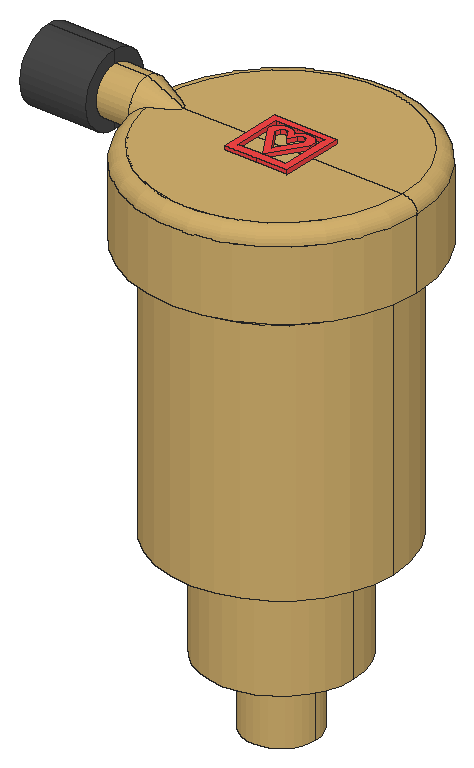
Revit family "Automatic air vents with check valve 2630 00 (01)", category Rohrzubehör, Revit 2018
Family settings
  Bemaßung runder Anschluss = Durchmesser verwenden
  Teiletyp = Normal
  OmniClass-Nummer = 23.65.55.14
  OmniClass-Titel = Valves for Liquid Services
  Arbeitsebenenbasiert = Nein
  Immer vertikal = Ja
  Beim Laden mit Abzugskörper schneiden = Nein
  Gemeinsam genutzt = Nein
Parameters
  min. Operating temperature = 0 °C  # constant formula
  max. Operating temperature = 110 °C  # constant formula
  max. Operating pressure = 800000.0 Pa  # constant formula
  URL = "www.herzvalves.com"
  Part number [instance] = if(Nennweite AG = 10.000 mm, 1263000, if(Nennweite AG = 15.000 mm, 1263001, 0))  # 1263000
  Medium = "heating water quality according to ÖNORM H5195 or VDI-Standard 2035.\r\nthe use of ethylene or propylene glycol in a mixing ratio 25-50% is allowed.\r\nplease refer to manufacturers documentation when using ethylene glycol products for frost and corrosion protection.\r\nthe HERZ air vent is not suitable for usage of aggressive medium (such as: acids, alkalis, combustible and explosive gases..) because it can damage the sealing components."
  Float ball = "polypropylene"  # constant formula
  SW = 10.500 mm  # constant formula
  SCRNSEQ = "AWI;AWI_TYP=\"1013\";1"
  SCRNCODE = "05;14;01"  # constant formula
  S05 = 25.300 mm  # constant formula
  S04 = SW * 2  # 21.000 mm
  S03 = 11.000 mm  # constant formula
  S02 = 24.500 mm  # constant formula
  S01 = 59.000 mm  # constant formula
  Backflow preventer housing = "machined brass acc. to EN 12165, CW617N 5"  # constant formula
  R01 = 2.000 mm  # constant formula
  Nennweite AG [instance] = 10.000 mm
  max. Structual pressure = 1200000.0 Pa  # constant formula
  L04 = L00 - L01  # 24.000 mm
  L03 = 13.500 mm  # constant formula
  L02 = 4.800 mm  # constant formula
  L01 = 9.500 mm  # constant formula
  L00 = 33.500 mm  # constant formula
  Hersteller = "Herz-Armaturen GmbH"  # constant formula
  H08 = 13.200 mm  # constant formula
  H06 = 25.300 mm  # constant formula
  H07 = 9.800 mm  # constant formula
  H05 = H00 - 1.000 mm  # 58.000 mm
  H04 = H03 - D03  # 57.900 mm
  H03 = 63.000 mm  # constant formula
  H02 = 9.500 mm  # constant formula
  H01 = 12.000 mm  # constant formula
  H00 = 59.000 mm  # constant formula
  Housing = "forged brass acc. to EN 12165, CW617N "  # constant formula
  G1 [instance] = Nennweite AG / 2  # 5.000 mm
  G = 5.000 mm  # constant formula
  Sealing = "NBR"  # constant formula
  Lid = "forged brass acc. to EN 12165, CW617N "  # constant formula
  D07 = 11.500 mm  # constant formula
  D06 = 4.000 mm  # constant formula
  D05 = 0.800 mm  # constant formula
  D04 = 3.400 mm  # constant formula
  D03 = 5.100 mm  # constant formula
  D02 = 19.500 mm  # constant formula
  D01 = 16.200 mm  # constant formula
  External threaded connectors = "acc. to ISO 228"  # constant formula
  Field of application = "HERZ - Air vent is used for venting of the central heating installations.\r\nthe air vent should be placed nearby the boiler or at the highest points of installation.\r\ninstallations must be carried out in such a way that the retention of air bubbles in a certain part of installation is not possible.\r\nbefore usage, unscrew the polypropylene cover cap on the lid for 2 to 3 turns.\r\nin case of uncontrolled medium leakage, tighten the cover cap.\r\nthe air vent must be cleaned or replaced.\r\nwe always recommend to use backflow preventer for easy service and replacement of the air vent."
  Cover cap = "polypropylene, black colour"  # constant formula
Reference planes
  plane 1 "Mitte (Vorne/hinten)": y = 0
  plane 2: z = 0
  plane 3 "Mitte (Links/rechts)": x = 0
Forms (mm)
  Revolve 1, solid, material "Messing", detail levels fine
    sketch origin (0, 0, 0) x (1, 0, 0) y (0, 0, 1)
      loop
        line (0, 0) -> (0, 59) -> (-17.5, 59)
        arc (-17.5, 59) -> (-18.914, 58.414) -> (-19.5, 57) r 2
        line (-19.5, 57) -> (-19.5, 47) -> (-18.2, 47)
        arc (-18.2, 47) -> (-16.786, 46.414) -> (-16.2, 45) r 2
        line (-16.2, 45) -> (-16.2, 9.5) -> (-5, 9.5) -> (-5, 0) -> (0, 0)
      axis (0, 59) -> (0, 0)
    angle from 0 to 360
  Revolve 2, solid, material "Kunststoff - schwarz", detail levels fine
    sketch origin (0, 0, 0) x (1, 0, 0) y (0, 0, 1)
      loop
        line (-33.5, 57.9) -> (-24, 57.9) -> (-24, 63) -> (-33.5, 63) -> (-33.5, 57.9)
      axis (-33.5, 57.9) -> (-24, 57.9)
    angle from 0 to 360
  Revolve 3, solid, material "Messing", detail levels fine
    sketch origin (0, 0, 0) x (1, 0, 0) y (0, 0, 1)
      loop
        line (-24, 57.9) -> (0, 57.9) -> (0, 58.7) -> (-13.5, 58.7) -> (-19.2, 61.3) -> (-24, 61.3) -> (-24, 57.9)
      axis (-24, 57.9) -> (0, 57.9)
    angle from 0 to 360
  Revolve 4, solid, material "Messing", detail levels fine
    sketch origin (0, 0, 0) x (1, 0, 0) y (0, 0, 1)
      loop
        line (-5, 9.5) -> (-11.5, 9.5) -> (-11.5, 7.2) -> (-10.5, 7.2) -> (-10.5, -6) -> (-5, -6) -> (-5, -15.8) -> (0, -15.8) -> (0, 0) -> (-5, 0) -> (-5, 9.5)
      axis (0, 9.5) -> (0, -15.8)
    angle from 0 to 360
Lines and regions (mm)
  model lines, detail levels coarse+medium
    curve 1: line (0, 0, 59) -> (11.455, 0, 47.545)
    curve 2: circle (0, 0, 34.5) r 11 normal (0, -1, 0)
    curve 3: line (-11.455, 0, 21.455) -> (0, 0, 10)
    curve 4: line (0, 0, 10) -> (11.455, 0, 21.455)
    curve 5: line (0, 0, 59) -> (0, 0, 45.5)
    curve 6: line (0, 0, 23.5) -> (0, 0, 9.5)
    curve 7: line (0, 0, 59) -> (-11.455, 0, 47.545)
    curve 8: line (-11.5, 0, 9.5) -> (9.5, 0, 9.5)
    curve 9: line (9.5, 0, 9.5) -> (-10.5, 0, -15.8)
    curve 10: line (-10.5, 0, -15.8) -> (10.5, 0, -15.8)
    curve 11: circle (-10.5, 0, -15.8) r 5 normal (0, -1, 0)
    curve 12: line (0, 0, 59) -> (0, -11.455, 47.545)
    curve 13: line (0, 0, 59) -> (0, 11.455, 47.545)
    curve 14: circle (0, 0, 34.5) r 11 normal (1, 0, 0)
    curve 15: line (0, 0, 10) -> (0, -11.455, 21.455)
    curve 16: line (0, 0, 10) -> (0, 11.455, 21.455)
    curve 18: line (0, -11.5, 9.5) -> (0, 9.5, 9.5)
    curve 19: line (0, 9.5, 9.5) -> (0, -10.5, -15.8)
    curve 20: line (0, -10.5, -15.8) -> (0, 10.5, -15.8)
    curve 21: circle (0, -10.5, -15.8) r 5 normal (1, 0, 0)
    curve 22: line (-9.5, 0, 0) -> (11.5, 0, 0)
    curve 23: line (-9.5, 0, 0) -> (9.5, 25.3, 0)
    curve 24: line (9.5, 25.3, 0) -> (-11.5, 25.3, 0)
    curve 25: circle (-9.5, 0, 0) r 5 normal (0, 0, 1)
    curve 26: line (0, 84.3, 0) -> (-11.455, 72.845, 0)
    curve 27: line (0, 84.3, 0) -> (11.455, 72.845, 0)
    curve 28: circle (0, 59.8, 0) r 11 normal (0, 0, 1)
    curve 29: line (0, 35.3, 0) -> (-11.455, 46.755, 0)
    curve 30: line (0, 35.3, 0) -> (11.455, 46.755, 0)
    curve 31: line (0, 84.3, 0) -> (0, 70.8, 0)
    curve 32: line (0, 48.8, 0) -> (0, 25.3, 0)
  model lines
    curve 17: line (0, 10.954, 33.496) -> (0, 10.954, 0)
Dimensions and locks
  "G": Revolve 1 sketch curve to Revolve 1 sketch curve
  "H00": Revolve 1 sketch curve to Revolve 1 sketch curve
  "D01": Revolve 1 sketch curve to Revolve 1 sketch curve
  "D02": Revolve 1 sketch curve to Revolve 1 sketch curve
  "H02": Revolve 1 sketch curve to Revolve 1 sketch curve
  "H01": Revolve 1 sketch curve to Revolve 1 sketch curve
  "D03": Revolve 2 sketch curve to Revolve 2 sketch curve
  "L01": Revolve 2 sketch curve to Revolve 2 sketch curve
  "L00": Revolve 2 sketch curve to plane 3 "Mitte (Links/rechts)"
  "D04": Revolve 3 sketch curve to Revolve 3 sketch curve
  "L02": Revolve 3 sketch curve to Revolve 3 sketch curve
  "L03": Revolve 3 sketch curve to plane 3 "Mitte (Links/rechts)"
  "L04": Revolve 3 sketch curve to plane 3 "Mitte (Links/rechts)"
  "D05": Revolve 3 sketch curve to Revolve 3 sketch curve
  "H03": Revolve 2 sketch curve to plane 2
  "H04": Revolve 3 sketch curve to plane 2
  "H05": nested 1 to plane 2
  "H06": Revolve 4 sketch curve to Revolve 4 sketch curve
  "G1": Revolve 4 sketch curve to Revolve 4 sketch curve
  "H02": Revolve 4 sketch curve to Revolve 4 sketch curve
  "G": Revolve 4 sketch curve to Revolve 4 sketch curve
  "D07": Revolve 4 sketch curve to Revolve 4 sketch curve
  "SW": Revolve 4 sketch curve to Revolve 4 sketch curve
  "H08": Revolve 4 sketch curve to Revolve 4 sketch curve
  "S01": curve 5 to plane 2
  "S02": curve 5 to curve 2 to curve 4
  "D01": curve 7 to curve 7
  "D01": curve 1 to curve 1
  "D01": curve 3 to curve 3
  "D01": curve 4 to curve 4
  "S04": curve 8 to curve 9
  "S05": curve 8 to curve 10
  "S04": curve 10 to curve 9
  "S01": curve 13 to plane 2
  "S02": curve 13 to curve 14 to curve 16
  "D01": curve 12 to curve 12
  "D01": curve 13 to curve 13
  "D01": curve 15 to curve 15
  "D01": curve 16 to curve 16
  "S04": curve 18 to curve 19
  "S04": curve 20 to curve 20
  "S05": curve 20 to curve 18
  "S04": curve 24 to curve 24
  "S04": curve 22 to curve 23
  "S05": curve 24 to curve 22
  "S01": curve 31 to curve 32
  "S02": curve 31 to curve 28 to curve 30
  "D01": curve 26 to curve 26
  "D01": curve 27 to curve 27
  "D01": curve 29 to curve 29
  "D01": curve 30 to curve 30
  "H07": Revolve 4 sketch curve to Revolve 4 sketch curve
  equal spacing: curve 10, plane 3 "Mitte (Links/rechts)", curve 10
  equal spacing: curve 20, plane 1 "Mitte (Vorne/hinten)", curve 20
  "R01": radius of Revolve 1 sketch curve  (x2)
  "S03": radius of curve 2
  "S03": radius of curve 14
  "S03": radius of curve 28
  angle curve 5 to curve 1 = 45.00°
  angle curve 7 to curve 5 = 45.00°
  angle curve 6 to curve 3 = 45.00°
  angle curve 4 to curve 6 = 45.00°
  angle curve 12 to plane 1 "Mitte (Vorne/hinten)" = 45.00°
  angle plane 1 "Mitte (Vorne/hinten)" to curve 13 = 45.00°
  angle plane 1 "Mitte (Vorne/hinten)" to curve 15 = 45.00°
  angle curve 16 to plane 1 "Mitte (Vorne/hinten)" = 45.00°
  angle curve 26 to curve 31 = 45.00°
  angle curve 31 to curve 27 = 45.00°
  angle curve 32 to curve 29 = 45.00°
  angle curve 30 to curve 32 = 45.00°
  aligned and locked: level to plane 2
Automatic sketch dimensions
  curve 16 to plane 1 "Mitte (Vorne/hinten)" = 0.000 mm
  curve 13 to plane 1 "Mitte (Vorne/hinten)" = 0.000 mm
  curve 14 to plane 1 "Mitte (Vorne/hinten)" = 0.000 mm
  curve 17 to level = 0.000 mm
  curve 21 to curve 19 = 0.000 mm
  curve 18 to plane 1 "Mitte (Vorne/hinten)" = 9.500 mm
  curve 21 to level = 15.800 mm
  curve 19 to curve 21 = 0.000 mm
  curve 17 to plane 1 "Mitte (Vorne/hinten)" = 10.954 mm
  curve 3 to plane 3 "Mitte (Links/rechts)" = 0.000 mm
  curve 5 to plane 3 "Mitte (Links/rechts)" = 0.000 mm
  curve 6 to plane 3 "Mitte (Links/rechts)" = 0.000 mm
  curve 2 to plane 3 "Mitte (Links/rechts)" = 0.000 mm
  curve 11 to curve 9 = 0.000 mm  (x2)
  plane 3 "Mitte (Links/rechts)" to curve 9 = 9.500 mm
  level to curve 8 = 9.500 mm
  plane 1 "Mitte (Vorne/hinten)" to curve 25 = 0.000 mm
  plane 1 "Mitte (Vorne/hinten)" to curve 22 = 0.000 mm
  curve 31 to plane 3 "Mitte (Links/rechts)" = 0.000 mm
  curve 32 to plane 3 "Mitte (Links/rechts)" = 0.000 mm
  curve 28 to plane 3 "Mitte (Links/rechts)" = 0.000 mm
  curve 29 to plane 3 "Mitte (Links/rechts)" = 0.000 mm
  curve 25 to plane 3 "Mitte (Links/rechts)" = 9.500 mm
  curve 22 to curve 25 = 0.000 mm
  plane 3 "Mitte (Links/rechts)" to curve 24 = 9.500 mm
  Revolve 1 sketch curve to level = 0.000 mm
  Revolve 1 sketch curve to plane 3 "Mitte (Links/rechts)" = 0.000 mm  (x2)
  Revolve 1 sketch curve to level = 2000.000 mm
  Revolve 1 sketch curve to Revolve 1 sketch curve = 1937.000 mm
  Revolve 2 sketch curve to Revolve 2 sketch curve = 0.000 mm  (x3)
  Revolve 3 sketch curve to plane 3 "Mitte (Links/rechts)" = 0.000 mm
  Revolve 3 sketch curve to Revolve 3 sketch curve = 0.212 mm
  Revolve 3 sketch curve to plane 3 "Mitte (Links/rechts)" = 0.539 mm
  Revolve 3 sketch curve to Revolve 3 sketch curve = 0.000 mm
  Revolve 4 sketch curve to level = 0.000 mm
  Revolve 4 sketch curve to plane 3 "Mitte (Links/rechts)" = 0.000 mm  (x2)
  Revolve 4 sketch curve to Revolve 4 sketch curve = 346.545 mm
  Revolve 4 sketch curve to Revolve 4 sketch curve = 2204.815 mm
  radius of curve 21 = 5.000 mm
  radius of curve 11 = 5.000 mm
  radius of curve 25 = 5.000 mm
Nested families
  nested 1: "Herz-Logo" at (0, 0, 58), type "Herz-Logo", detail levels fine
Connectors
  piping at (0, 0, -15.8), diameter 10, driven by "Nennweite AG"
    settings: on Revolve 4, index 1, connector inside diameter 609.6 mm, connector length 0.000 mm, flow factor 0, pipe flow 0.0 L/s, pressure drop 0.0 Pa, fitting loss kfactor 0, connector angle 0.00°, fixture units 0, engagement length 0.000 mm, angle of deflection 0.00°, flow configuration 0, flow direction 0, fitting loss method 0, system type 7, joint type 0, gender type 0, connector reference index -1, connector utility 0, adjustable connector no, is connector primary yes, connector description ""
Definition of nested family "Herz-Logo"
  Reference planes
    plane 1 "Mitte (Vorne/hinten)": y = 0
    plane 2: z = 0
    plane 3 "Mitte (Links/rechts)": x = 0
  Forms (mm)
    Extrusion 1, solid
      sketch origin (0, 0, 0) x (1, 0, 0) y (0, 1, 0)
        loop
          line (-0.018, -4.517) -> (4.482, -4.517) -> (4.482, 4.483) -> (-4.518, 4.483) -> (-4.518, -4.517) -> (-0.018, -4.517)
        loop
          line (-0.05, -3.48) -> (3.482, -3.48) -> (3.482, 3.483) -> (-3.518, 3.483) -> (-3.518, -3.48) -> (-0.05, -3.48)
        loop
          arc (-0.018, 2.383) -> (-1.543, 3.287) -> (-3.067, 2.383) r 1.738
          arc (-3.067, 2.383) -> (-3.191, 1.899) -> (-3.067, 1.415) r 1.009
          line (-3.067, 1.415) -> (-0.018, -3.281) -> (3.032, 1.415)
          arc (3.032, 1.415) -> (3.156, 1.899) -> (3.032, 2.383) r 1.009
          arc (3.032, 2.383) -> (1.507, 3.287) -> (-0.018, 2.383) r 1.738
        loop
          arc (1.885, 1.272) -> (2.005, 1.675) -> (1.885, 2.079) r 0.74
          arc (1.885, 2.079) -> (1.265, 2.416) -> (0.644, 2.079) r 0.74
          line (0.644, 2.079) -> (-0.018, 0.97) -> (-0.679, 2.079)
          arc (-0.679, 2.079) -> (-1.3, 2.416) -> (-1.921, 2.079) r 0.74
          arc (-1.921, 2.079) -> (-2.04, 1.675) -> (-1.921, 1.272) r 0.74
          line (-1.921, 1.272) -> (-0.018, -1.658) -> (1.885, 1.272)
      from 0 to 1.5
  Dimensions and locks
    aligned and locked: level to plane 2
